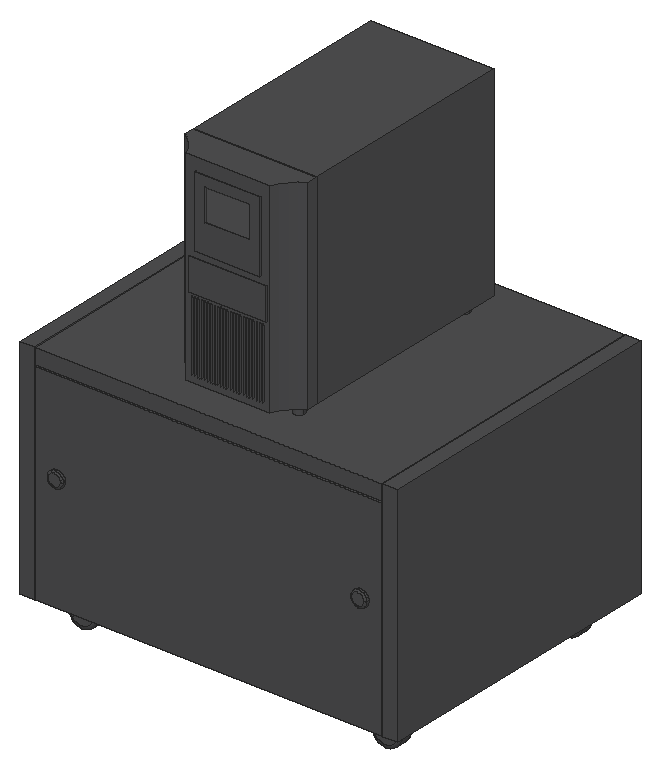
Revit family "Lighting_Emergency&Security_Linergy_Spy-control", category Electrical Fixtures, Revit 2018 (continued)
Definition of nested family "Base_1806"
  Automatic sketch dimensions
    plane 35 to Extrusion 31 sketch curve = 0 mm
    Extrusion 31 sketch curve to plane 37 = 0 mm
    plane 29 to Extrusion 31 sketch curve = 130 mm
    plane 35 to Extrusion 32 sketch curve = 0 mm
    Extrusion 32 sketch curve to plane 37 = 0 mm
    Extrusion 32 sketch curve to plane 39 = 0 mm
    plane 29 to Extrusion 32 sketch curve = 128 mm
    Extrusion 33 sketch curve to plane 7 = 0 mm
    plane 35 to Extrusion 33 sketch curve = 0 mm
    Extrusion 33 sketch curve to plane 37 = 0 mm
    plane 29 to Extrusion 33 sketch curve = 130 mm
    Extrusion 34 sketch curve to plane 14 = 0 mm
    Extrusion 34 sketch curve to plane 34 = 0 mm
    Extrusion 34 sketch curve to plane 5 = 0 mm
    Extrusion 34 sketch curve to plane 6 = 0 mm
    plane 15 to Extrusion 35 sketch curve = 0 mm
    Extrusion 35 sketch curve to plane 36 = 0 mm
    Extrusion 35 sketch curve to plane 34 = 0 mm
    Extrusion 35 sketch curve to plane 19 = 2 mm
    plane 14 to Extrusion 36 sketch curve = 0 mm
    Extrusion 36 sketch curve to plane 6 = 0 mm
    plane 3 "Center (Left/Right)" to Extrusion 36 sketch curve = 348 mm
    Extrusion 36 sketch curve to Extrusion 36 sketch curve = 696 mm
    radius of Extrusion 1 sketch curve = 12.5 mm  (x2)
    radius of Extrusion 2 sketch curve = 12.5 mm  (x2)
    radius of Blend 3 sketch curve = 9.5 mm
    radius of Blend 4 sketch curve = 9.5 mm
    radius of Extrusion 5 sketch curve = 12.5 mm  (x2)
    radius of Blend 6 sketch curve = 9.5 mm
    radius of Blend 7 sketch curve = 9.5 mm
    radius of Extrusion 9 sketch curve = 47.5 mm
    radius of Extrusion 10 sketch curve = 47.5 mm
    radius of Extrusion 13 sketch curve = 12.5 mm  (x2)
    radius of Extrusion 14 sketch curve = 12.5 mm  (x2)
    radius of Extrusion 15 sketch curve = 12.5 mm  (x2)
    radius of Extrusion 16 sketch curve = 12.5 mm  (x2)
    radius of Blend 17 sketch curve = 9.5 mm
    radius of Blend 18 sketch curve = 9.5 mm
    radius of Extrusion 19 sketch curve = 12.5 mm  (x2)
    radius of Blend 20 sketch curve = 9.5 mm
    radius of Blend 21 sketch curve = 9.5 mm
    radius of Extrusion 22 sketch curve = 12.5 mm  (x2)
    radius of Extrusion 23 sketch curve = 12.5 mm  (x2)
    radius of Extrusion 24 sketch curve = 47.5 mm
    radius of Extrusion 25 sketch curve = 47.5 mm
Definition of nested family "Masking region SC1811_upper"
  Reference planes
    plane 1 "Center (Front/Back)": y = 0
    plane 2: z = 0
    plane 3 "Center (Left/Right)": x = 0
  Lines and regions (mm)
    Masking region 1, in view "Ref. Level", detail levels fine
      outline origin (0, -77.5, 0) x (1, 0, 0) y (0, 1, 0)
        loop
          line (120, 275) -> (-120, 275) -> (-120, -195) -> (-115, -195) -> (-115, -198) -> (-120, -198) -> (-120, -225) -> (-110, -225) -> (-110, -228) -> (-105, -228) -> (-105, -230) -> (65.2, -230) -> (65.2, -228) -> (70.2, -228) -> (70.2, -225) -> (75.2, -225) -> (77.7, -220) -> (80.2, -225) -> (120, -225) -> (120, -198) -> (115, -198) -> (115, -195) -> (120, -195) -> (120, 275)
    Masking region 2, in view "Ref. Level", detail levels coarse+medium
      outline origin (0, -77.5, 0) x (1, 0, 0) y (0, 1, 0)
        loop
          line (120, -225) -> (120, 275) -> (-120, 275) -> (-120, -225) -> (-110, -225) -> (-110, -228) -> (-105, -228) -> (-105, -230) -> (65.2, -230) -> (65.2, -228) -> (70.2, -228) -> (70.2, -225) -> (120, -225)
    detail lines, in view "Ref. Level", detail levels fine
      curve 1: line (-115, -272.5, 0) -> (115, -272.5, 0)
      curve 2: line (115, -275.5, 0) -> (-115, -275.5, 0)
    detail lines, in view "Ref. Level"
      curve 3: line (-110, -302.5, 0) -> (70.2, -302.5, 0)
      curve 4: line (65.2, -305.5, 0) -> (65.2, -302.5, 0)
      curve 5: line (-105, -305.5, 0) -> (-105, -302.5, 0)
